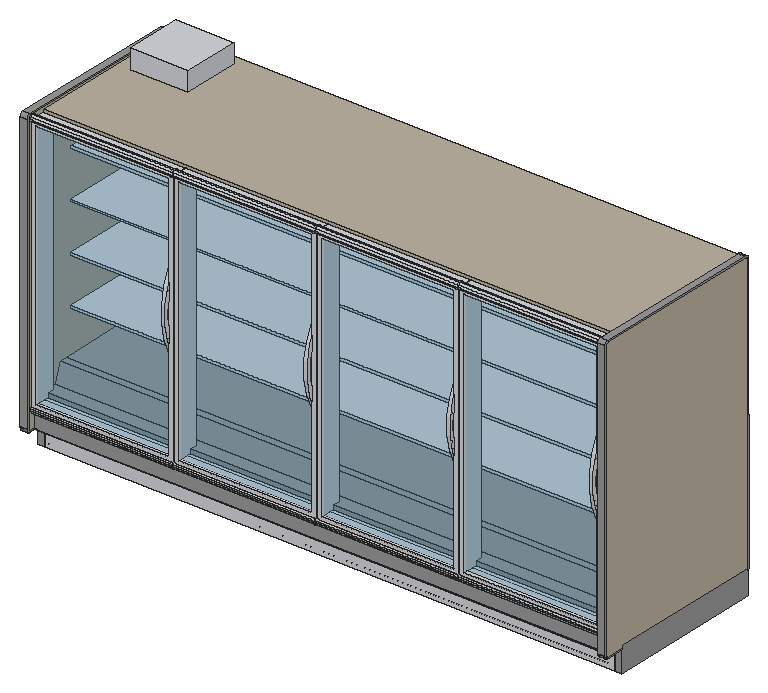
Revit family "VNRBS", category Mechanical Equipment, Revit 2019
Family settings
  Round Connector Dimension = Use Diameter
  Part Type = Normal
  OmniClass Number = 23.40.40.11.17
  OmniClass Title = Refrigerated Cases
  Work Plane-Based = Yes
  Always vertical = Yes
  Cut with Voids When Loaded = No
  Shared = Yes
  Room Calculation Point = No
Parameters (values of type "4-Door")
  vista c watts = 0 W
  pannel colour = none
  Width = 37 1/8"  # constant formula
  Vista-E Watts = 0 W
  Vista-E Amps = 0 A
  Vista-C/60 Watts = 293 W
  Vista-C/60 Amps = 2.4 A
  Vista-C Watts = 0 W
  Vista-C Amps = 0 A
  Vista Watts = 293 W
  Vista Amps = 2.4 A
  VISTA C - WATTS = 0 W
  URL = "http://www.hillphoenix.com/"
  Type of Door Swing = "A-Swing"
  Trim colour = none
  Timed-Off Defrost Termination Temp_2 = "42° F"  # constant formula
  Timed-Off Defrost Fail-Safe (Min) = "30 (Min)"  # constant formula
  TOP REFRIGERATION [instance] = yes
  TOP ELECTRICAL [instance] = yes
  TIMED-OFF DEFROST TERMINATION TEMP = 42 °F
  TIMED-OFF DEFROST FAIL SAFE (MIN) = 30
  TIMED OFF DEFROST TERMINATION TEMP = 42 °F
  TIMED OFF DEFROST FAIL-SAFE (Min) = "30"
  Supplier Model = ""
  Supplier = ""
  Superheat Set Point @ Bulb (°F) = "6-8° F"  # constant formula
  Size of Door = 30"  # constant formula
  STAINLESS STEEL = GALVANIZED STEEL
  RIGHT END [instance] = yes
  REFRIGERATION PIPING = none
  REFRIGERATION [instance] = yes
  REF PLANE LEFT RIGHT = Length / 2  # 60"
  Pro24 35K Hi Output Watts = 120 W
  Pro24 35K Hi Output Amps = 1 A
  Pnet Number = "NA"  # constant formula
  PVC PIPE = none
  PLAN VIEW DOOR SWING [instance] = yes
  PAINTED METAL UPPER SHELF = none
  PAINTED METAL EXTERIOR [instance] = Render Material 255-255-0
  Number of Fans per Case = 3
  Number of Fans = 0
  No. OF DOORS = 4
  NUMBER FOR GUIDLINES AND CONTROL ORGANIZATION = 0
  NUMBER FOR ELECTRICAL DATA = 0
  Model = "VNRB"  # constant formula
  Manufacturer Model = ""
  Manufacturer = "HILL PHOENIX"  # constant formula
  Load Mbh = 0  # constant formula
  Length of Cases = 150"
  Length = 120"
  Legend Number = Model  # "VNRB"
  LEFT END [instance] = yes
  LEDStixx Watts = 118 W
  LEDStixx Amps = 1 A
  Keynote = "VNRB"  # constant formula
  Item Description = "VNRB"  # constant formula
  Infinity 90 Watts = 236 W
  Infinity 90 Amps = 2 A
  High Efficiency Watts = 78 W
  High Efficiency Amps = 0.65 A
  Height = 67 7/8"
  HILL PHOENIX DRAWING NUMBER = "NA"  # constant formula
  GLASS CLAMP = none
  GLASS = Glass
  GE Gen6 Watts = 79 W
  GE Gen6 Amps = 0.7 A
  Evaporator (°F) = "28° F"
  EVAP TEMPERATURE = 0 °F  # constant formula
  EQUIPMENT MARK = "VNRBS"
  EQUIPMENT DESCRIPTION = Item Description  # "VNRB"
  ENGINEERING CONTACT = ""  # constant formula
  EMS PROBE J-BOX [instance] = yes
  ELECTRICAL [instance] = yes
  Discharge Air Velocity (FPM) = "360 (FPM)"  # constant formula
  Discharge Air (°F) = "33° F"
  Description = "VNRB"  # constant formula
  Defrosts Per Day_2 = 2  # constant formula
  Default Elevation = 48"
  DRAIN LINE [instance] = yes
  DISCHARGE AIR VELOCITY = ""  # constant formula
  DISCHARGE AIR TEMP = 0 °F  # constant formula
  DESIGNERS NAME = "SHIDDRAMESH"  # constant formula
  DEFROSTS PER DAY = 0  # constant formula
  DATE = "03-18-2015"  # constant formula
  CENTER LINE = Length / 2  # 60"
  BTUH Parallel = 777
  BTUH Conventional = 810
  BASE [instance] = BLACK
  Assembly Code = ""
  Application Discipline = "Meat"
  Actual Weight = 0
  24" Shelf = yes
Types (4): name | REF PLANE LEFT RIGHT | No. OF DOORS | Length | CENTER LINE
  5-Door | 75" | 5 | 150" | 75"
  4-Door | 60" | 4 | 120" | 60"
  3-Door | 45" | 3 | 90" | 45"
  2-Door | 30" | 2 | 60" | 30"
Reference planes (in)
  plane 1: z = 0.01963
  plane 2 "LEFT": x = 0
  plane 3 "CASE RIGHT": x = 120
  plane 4 "CASE BACK": y = -13.74044
  plane 5 "CENTER(LEFT/RIGHT)": x = 60
  plane 6 "FRONT": y = -50.86544
  plane 7: z = 0
  plane 8: z = 67.875
  plane 9: x = 121.5
Forms (in)
  Extrusion 1, solid, material <- "REFRIGERATION PIPING"
    sketch origin (-13.14147, -19.71261, 97.4576) x (1, 0, 0) y (0, 1, 0)
      loop
        circle (127.76253, -0.94574) r 0.375
      loop
        circle (129.53129, -0.94574) r 0.5
    from -94.24428 to -90.67077
  Extrusion 2, solid, material "Render Material 255-255-0" <- "PAINTED METAL EXTERIOR"
    sketch origin (0, 0, 0) x (0, 1, 0) y (0, 0, 1)
      loop
        line (-13.74044, 66.01319) -> (-47.10136, 66.01319) -> (-47.10136, 64.01319) -> (-15.90384, 64.01319) -> (-15.90384, 7.28805) -> (-13.74044, 7.28805) -> (-13.74044, 66.01319)
    from 0 to 120
  Extrusion 3, solid, material "GALVANIZED STEEL" <- "STAINLESS STEEL"
    sketch origin (0, 0, 0) x (0, 1, 0) y (0, 0, 1)
      loop
        line (-15.90384, 64.01319) -> (-47.10136, 64.01319) -> (-47.10136, 63.22669) -> (-45.68453, 63.22669) -> (-45.68453, 63.0429) -> (-45.26599, 63.0429)
        arc (-45.26599, 63.0429) -> (-45.2025, 63.06759) -> (-45.17236, 63.12867) r 0.094
        line (-45.17236, 63.12867) -> (-45.17236, 63.18324) -> (-42.57208, 62.63053)
        arc (-42.57208, 62.63053) -> (-42.52693, 62.6389) -> (-42.50092, 62.67675) r 0.06
        line (-42.50092, 62.67675) -> (-42.39064, 63.19556) -> (-41.57127, 63.00639) -> (-17.82566, 63.00639) -> (-17.82566, 13.27209) -> (-15.90384, 13.27209) -> (-15.90384, 64.01319)
    from 0 to 120
  Extrusion 4, solid, material "BLACK" <- "BASE"
    sketch origin (0, 0, 0) x (0, 1, 0) y (0, 0, 1)
      loop
        line (-15.90384, 13.27209) -> (-17.82566, 13.27209) -> (-17.82566, 17.00639) -> (-41.08585, 16.59082) -> (-42.69485, 16.59082) -> (-43.93723, 12.84082) -> (-47.03731, 12.84083) -> (-47.03732, 10.96636) -> (-49.52319, 10.96636) -> (-49.52319, 6.891)
        arc (-49.52319, 6.891) -> (-49.47226, 6.82754) -> (-49.39928, 6.86353) r 0.065
        line (-49.39928, 6.86353) -> (-49.26231, 7.15725) -> (-49.03397, 7.15725) -> (-48.84717, 7.28805) -> (-15.90384, 7.28805) -> (-15.90384, 13.27209)
    from 0 to 120
  Extrusion 5, solid, material "Render Material 255-255-0" <- "PAINTED METAL EXTERIOR"
    sketch origin (-1, 0, 0) x (0, 1, 0) y (0, 0, 1)
      loop
        arc (-50.35888, 66.27836) -> (-50.71243, 66.13191) -> (-50.85888, 65.77836) r 0.5
        line (-50.85888, 65.77836) -> (-50.85888, 7.28684)
        arc (-50.85888, 7.28684) -> (-50.71243, 6.93328) -> (-50.35888, 6.78684) r 0.5
        line (-50.35888, 6.78684) -> (-46.61544, 6.78684) -> (-46.61544, 7.28805) -> (-13.74044, 7.28805) -> (-13.74044, 65.77836)
        arc (-13.74044, 65.77836) -> (-13.88688, 66.13191) -> (-14.24044, 66.27836) r 0.5
        line (-14.24044, 66.27836) -> (-50.35888, 66.27836)
    from -0.5 to 1
  Extrusion 6, solid, material "BLACK" <- "BASE"
    sketch origin (0, 0, 0) x (0, 1, 0) y (0, 0, 1)
      loop
        line (-13.49044, 2.1515) -> (-13.49044, 7.28805) -> (-46.61544, 7.28805) -> (-46.61544, 2.1515) -> (-13.49044, 2.1515)
    from 0 to -1.5
  Extrusion 7, solid, material <- "PAINTED METAL UPPER SHELF", visible <- "24" Shelf"
    sketch origin (0, 0, -44.00001) x (0, 1, 0) y (0, 0, 1)
      loop
        line (-39.84405, 69.9973) -> (-39.84405, 69.4373) -> (-30.67567, 69.4373) -> (-30.61647, 69.30047) -> (-21.26806, 68.37618)
        arc (-21.26806, 68.37618) -> (-20.5648, 68.20115) -> (-19.94129, 67.83175) r 2.5
        line (-19.94129, 67.83175) -> (-19.23845, 67.26304)
        arc (-19.23845, 67.26304) -> (-18.93503, 67.09491) -> (-18.59242, 67.04056) r 1
        line (-18.59242, 67.04056) -> (-17.82422, 67.05363) -> (-17.82422, 69.9973) -> (-39.84405, 69.9973)
    from 0 to 120
  Extrusion 8, solid, material "BLACK" <- "BASE"
    sketch origin (0, 50.91376, -10.30728) x (0, 1, 0) y (0, 0, 1)
      loop
        line (-64.6542, 17.59533) -> (-91.18502, 17.59533) -> (-91.18502, 12.45878) -> (-89.5292, 12.45878) -> (-89.5292, 15.22403) -> (-66.0292, 15.22403) -> (-66.0292, 12.45878) -> (-64.6542, 12.45878) -> (-64.6542, 17.59533)
    from 0 to 120 <- "Length"
  Extrusion 9, solid, material "BLACK" <- "BASE"
    sketch origin (0, 51.47626, -10.30728) x (0, 1, 0) y (0, 0, 1)
      loop
        line (-97.34152, 12.77932) -> (-94.46533, 12.77932) -> (-93.42752, 12.84533) -> (-91.74752, 12.84533) -> (-91.74752, 17.59533) -> (-97.49752, 17.59533) -> (-97.49752, 12.93532)
        arc (-97.49752, 12.93532) -> (-97.45183, 12.82501) -> (-97.34152, 12.77932) r 0.156
    from 0 to 120 <- "Length"
  Extrusion 10, solid, material <- "PAINTED METAL UPPER SHELF", visible <- "24" Shelf"
    sketch origin (0, 0, -34.00001) x (0, 1, 0) y (0, 0, 1)
      loop
        line (-39.84405, 69.9973) -> (-39.84405, 69.4373) -> (-30.67567, 69.4373) -> (-30.61647, 69.30047) -> (-21.26806, 68.37618)
        arc (-21.26806, 68.37618) -> (-20.5648, 68.20115) -> (-19.94129, 67.83175) r 2.5
        line (-19.94129, 67.83175) -> (-19.23845, 67.26304)
        arc (-19.23845, 67.26304) -> (-18.93503, 67.09491) -> (-18.59242, 67.04056) r 1
        line (-18.59242, 67.04056) -> (-17.82422, 67.05363) -> (-17.82422, 69.9973) -> (-39.84405, 69.9973)
    from 0 to 120
  Extrusion 11, solid, material <- "PAINTED METAL UPPER SHELF", visible <- "24" Shelf"
    sketch origin (0, 0, -24.00001) x (0, 1, 0) y (0, 0, 1)
      loop
        line (-39.84405, 69.9973) -> (-39.84405, 69.4373) -> (-30.67567, 69.4373) -> (-30.61647, 69.30047) -> (-21.26806, 68.37618)
        arc (-21.26806, 68.37618) -> (-20.5648, 68.20115) -> (-19.94129, 67.83175) r 2.5
        line (-19.94129, 67.83175) -> (-19.23845, 67.26304)
        arc (-19.23845, 67.26304) -> (-18.93503, 67.09491) -> (-18.59242, 67.04056) r 1
        line (-18.59242, 67.04056) -> (-17.82422, 67.05363) -> (-17.82422, 69.9973) -> (-39.84405, 69.9973)
    from 0 to 120
  Extrusion 12, solid, material <- "PAINTED METAL UPPER SHELF", visible <- "24" Shelf"
    sketch origin (0, 0, -14.00001) x (0, 1, 0) y (0, 0, 1)
      loop
        line (-39.84405, 69.9973) -> (-39.84405, 69.4373) -> (-30.67567, 69.4373) -> (-30.61647, 69.30047) -> (-21.26806, 68.37618)
        arc (-21.26806, 68.37618) -> (-20.5648, 68.20115) -> (-19.94129, 67.83175) r 2.5
        line (-19.94129, 67.83175) -> (-19.23845, 67.26304)
        arc (-19.23845, 67.26304) -> (-18.93503, 67.09491) -> (-18.59242, 67.04056) r 1
        line (-18.59242, 67.04056) -> (-17.82422, 67.05363) -> (-17.82422, 69.9973) -> (-39.84405, 69.9973)
    from 0 to 120
  Extrusion 13, solid, material <- "REFRIGERATION PIPING"
    sketch origin (0, -0.08348, 1.78684) x (1, 0, 0) y (0, 1, 0)
      loop
        circle (60, -37.24044) r 1.5
    from 1.42649 to 5
  Extrusion 14, solid, material "BLACK" <- "BASE"
    sketch origin (0, 0, -34.00001) x (0, -1, 0) y (0, 0, 1)
      loop
        arc (50.35888, 100.27836) -> (50.71243, 100.13192) -> (50.85888, 99.77836) r 0.5
        line (50.85888, 99.77836) -> (50.85888, 41.28684)
        arc (50.85888, 41.28684) -> (50.71243, 40.93329) -> (50.35888, 40.78684) r 0.5
        line (50.35888, 40.78684) -> (46.61544, 40.78684) -> (46.61544, 40.53684) -> (50.35888, 40.53684)
        arc (50.35888, 40.53684) -> (50.88921, 40.75651) -> (51.10888, 41.28684) r 0.75
        line (51.10888, 41.28684) -> (51.10888, 99.77836)
        arc (51.10888, 99.77836) -> (50.88921, 100.30869) -> (50.35888, 100.52836) r 0.75
        line (50.35888, 100.52836) -> (14.24044, 100.52836)
        arc (14.24044, 100.52836) -> (13.71011, 100.30869) -> (13.49044, 99.77836) r 0.75
        line (13.49044, 99.77836) -> (13.49044, 41.28806) -> (13.74044, 41.28806) -> (13.74044, 99.77836)
        arc (13.74044, 99.77836) -> (13.88688, 100.13192) -> (14.24044, 100.27836) r 0.5
        line (14.24044, 100.27836) -> (50.35888, 100.27836)
    from 0 to 1.5
  Extrusion 15, solid, material "Render Material 255-255-0" <- "PAINTED METAL EXTERIOR"
    sketch origin (174, 0, 0) x (0, 1, 0) y (0, 0, 1)
      loop
        arc (-50.35888, 66.27836) -> (-50.71243, 66.13191) -> (-50.85888, 65.77836) r 0.5
        line (-50.85888, 65.77836) -> (-50.85888, 7.28684)
        arc (-50.85888, 7.28684) -> (-50.71243, 6.93328) -> (-50.35888, 6.78684) r 0.5
        line (-50.35888, 6.78684) -> (-46.61544, 6.78684) -> (-46.61544, 7.28805) -> (-13.74044, 7.28805) -> (-13.74044, 65.77836)
        arc (-13.74044, 65.77836) -> (-13.88688, 66.13191) -> (-14.24044, 66.27836) r 0.5
        line (-14.24044, 66.27836) -> (-50.35888, 66.27836)
    from -54 to -52.5
  Extrusion 16, solid, material "BLACK" <- "BASE"
    sketch origin (175, 0, 0) x (0, 1, 0) y (0, 0, 1)
      loop
        line (-13.49044, 2.1515) -> (-13.49044, 7.28805) -> (-46.61544, 7.28805) -> (-46.61544, 2.1515) -> (-13.49044, 2.1515)
    from -53.5 to -55
  Extrusion 17, solid, material "BLACK" <- "BASE"
    sketch origin (175, 0, -34.00001) x (0, -1, 0) y (0, 0, 1)
      loop
        arc (50.35888, 100.27836) -> (50.71243, 100.13192) -> (50.85888, 99.77836) r 0.5
        line (50.85888, 99.77836) -> (50.85888, 41.28684)
        arc (50.85888, 41.28684) -> (50.71243, 40.93329) -> (50.35888, 40.78684) r 0.5
        line (50.35888, 40.78684) -> (46.61544, 40.78684) -> (46.61544, 40.53684) -> (50.35888, 40.53684)
        arc (50.35888, 40.53684) -> (50.88921, 40.75651) -> (51.10888, 41.28684) r 0.75
        line (51.10888, 41.28684) -> (51.10888, 99.77836)
        arc (51.10888, 99.77836) -> (50.88921, 100.30869) -> (50.35888, 100.52836) r 0.75
        line (50.35888, 100.52836) -> (14.24044, 100.52836)
        arc (14.24044, 100.52836) -> (13.71011, 100.30869) -> (13.49044, 99.77836) r 0.75
        line (13.49044, 99.77836) -> (13.49044, 41.28806) -> (13.74044, 41.28806) -> (13.74044, 99.77836)
        arc (13.74044, 99.77836) -> (13.88688, 100.13192) -> (14.24044, 100.27836) r 0.5
        line (14.24044, 100.27836) -> (50.35888, 100.27836)
    from 53.5 to 55
  Extrusion 18, solid
    sketch origin (0, 0, 0) x (0, 1, 0) y (0, 0, 1)
      loop
        line (-46.61544, 7.28805) -> (-46.61544, 2.1515) -> (-46.02126, 2.1515) -> (-46.02126, 7.28805) -> (-46.61544, 7.28805)
    from 0 to 120 <- "Length"
  Extrusion 19, solid
    sketch origin (0, 0, 0) x (0, 1, 0) y (0, 0, 1)
      loop
        line (-15.74044, 66.01319) -> (-15.74044, 70.01319) -> (-27.74044, 70.01319) -> (-27.74044, 66.01319) -> (-15.74044, 66.01319)
    from 3 to 15
Lines and regions (in)
  model lines
    curve 1: line (160.51265, -20.82355, 0) -> (160.48065, -20.82355, 0)
Dimensions and locks (in)
  "Length": plane 2 "LEFT" to plane 3 "CASE RIGHT"
  "Width": plane 6 "FRONT" to plane 4 "CASE BACK"
  plane 6 "FRONT" to plane 4 "CASE BACK" = 37 1/8"
  "CENTER LINE": plane 5 "CENTER(LEFT/RIGHT)" to plane 3 "CASE RIGHT"
  level to Extrusion 1 = 6.78684"
  level to plane 1 = 0.01963"
  equal spacing: group 1, group 2, group 3, group 4  (x3)
  locked: plane 3 "CASE RIGHT" to plane 9 at 1.5
  Extrusion 6 to Extrusion 8 = 5.13656"
  Extrusion 3 to Extrusion 3 = 1.00679"
  Extrusion 6 to Extrusion 2 = 63.86169"
  plane 4 "CASE BACK" to Extrusion 2 = 33.36092"
  Extrusion 4 to Extrusion 3 = 46"
  Extrusion 8 to Extrusion 9 = 26.53082"
  Extrusion 8 sketch curve to Extrusion 8 sketch curve = 26.53082"
  nested 1 to Extrusion 4 = 54.52081"
  nested 1 to nested 1 = 52.47698"
  aligned and locked: plane 3 "CASE RIGHT" to Extrusion 2
  aligned and locked: plane 3 "CASE RIGHT" to Extrusion 4
  aligned and locked: plane 3 "CASE RIGHT" to Extrusion 3
  aligned and locked: Extrusion 6 to Extrusion 5
  aligned and locked: plane 3 "CASE RIGHT" to Extrusion 7
  aligned and locked: plane 3 "CASE RIGHT" to Extrusion 12
  aligned and locked: plane 3 "CASE RIGHT" to Extrusion 11
  aligned and locked: plane 3 "CASE RIGHT" to Extrusion 10
  aligned and locked: Extrusion 16 to Extrusion 15
  aligned and locked: Extrusion 17 to plane 3 "CASE RIGHT"
  aligned and locked: plane 9 to Extrusion 17
  aligned and locked: Extrusion 15 to plane 3 "CASE RIGHT"
  aligned and locked: Extrusion 17 to Extrusion 15
  aligned and locked: Extrusion 15 to Extrusion 16
Automatic sketch dimensions
  plane 4 "CASE BACK" to curve 1 = 7.08311"
  plane 3 "CASE RIGHT" to curve 1 = 40.48065"
  curve 1 to curve 1 = 0.032"
  Extrusion 1 sketch curve to plane 3 "CASE RIGHT" = 5.37894"
  Extrusion 1 sketch curve to Extrusion 1 sketch curve = 1.76876"
  plane 4 "CASE BACK" to Extrusion 1 sketch curve = 6.91792"
  Extrusion 1 sketch curve to Extrusion 1 sketch curve = 0"
  level to Extrusion 6 sketch curve = 2.1515"
  Extrusion 6 sketch curve to plane 6 "FRONT" = 4 1/4"
  Extrusion 6 sketch curve to plane 4 "CASE BACK" = 1/4"
  Extrusion 6 sketch curve to plane 1 = 7.26842"
  Extrusion 7 sketch curve to plane 6 "FRONT" = 11.02138"
  Extrusion 7 sketch curve to Extrusion 7 sketch curve = 9.16838"
  Extrusion 7 sketch curve to Extrusion 7 sketch curve = 0.05921"
  plane 4 "CASE BACK" to Extrusion 7 sketch curve = 7 99/128"
  Extrusion 7 sketch curve to Extrusion 7 sketch curve = 1.57257"
  Extrusion 7 sketch curve to Extrusion 7 sketch curve = 0.70284"
  Extrusion 7 sketch curve to Extrusion 7 sketch curve = 0.62903"
  Extrusion 7 sketch curve to Extrusion 7 sketch curve = 0.64603"
  Extrusion 7 sketch curve to Extrusion 7 sketch curve = 0.7682"
  Extrusion 7 sketch curve to plane 1 = 21.86866"
  Extrusion 7 sketch curve to Extrusion 7 sketch curve = 1.15227"
  Extrusion 7 sketch curve to Extrusion 7 sketch curve = 0.01306"
  Extrusion 7 sketch curve to Extrusion 7 sketch curve = 0.22247"
  Extrusion 7 sketch curve to Extrusion 7 sketch curve = 0.56871"
  Extrusion 7 sketch curve to Extrusion 7 sketch curve = 3.41218"
  Extrusion 7 sketch curve to Extrusion 7 sketch curve = 0.13683"
  Extrusion 7 sketch curve to Extrusion 7 sketch curve = 0.56"
  Extrusion 7 sketch curve to Extrusion 7 sketch curve = 1.32677"
  Extrusion 7 sketch curve to Extrusion 7 sketch curve = 0.00006"
  Extrusion 7 sketch curve to Extrusion 7 sketch curve = 0.00066"
  level to Extrusion 8 sketch curve = 2.1515"  (x2)
  Extrusion 8 sketch curve to plane 4 "CASE BACK" = 0"
  plane 4 "CASE BACK" to Extrusion 8 sketch curve = 1 3/8"
  Extrusion 8 sketch curve to Extrusion 8 sketch curve = 1.65582"
  Extrusion 8 sketch curve to plane 1 = 4.89712"
  Extrusion 8 sketch curve to Extrusion 8 sketch curve = 2.37131"
  Extrusion 10 sketch curve to plane 6 "FRONT" = 11.02138"
  Extrusion 10 sketch curve to Extrusion 10 sketch curve = 9.16838"
  Extrusion 10 sketch curve to Extrusion 10 sketch curve = 0.05921"
  plane 4 "CASE BACK" to Extrusion 10 sketch curve = 7 99/128"
  Extrusion 10 sketch curve to Extrusion 10 sketch curve = 1.57257"
  Extrusion 10 sketch curve to Extrusion 10 sketch curve = 0.70284"
  Extrusion 10 sketch curve to Extrusion 10 sketch curve = 0.62903"
  Extrusion 10 sketch curve to Extrusion 10 sketch curve = 0.64603"
  Extrusion 10 sketch curve to Extrusion 10 sketch curve = 0.7682"
  Extrusion 10 sketch curve to plane 1 = 31.86866"
  Extrusion 10 sketch curve to Extrusion 10 sketch curve = 1.15227"
  Extrusion 10 sketch curve to Extrusion 10 sketch curve = 0.01306"
  Extrusion 10 sketch curve to Extrusion 10 sketch curve = 0.22247"
  Extrusion 10 sketch curve to Extrusion 10 sketch curve = 0.56871"
  Extrusion 10 sketch curve to Extrusion 10 sketch curve = 3.41218"
  Extrusion 10 sketch curve to Extrusion 10 sketch curve = 0.13683"
  Extrusion 10 sketch curve to Extrusion 10 sketch curve = 0.56"
  Extrusion 10 sketch curve to Extrusion 10 sketch curve = 1.32677"
  Extrusion 10 sketch curve to Extrusion 10 sketch curve = 0.00006"
  Extrusion 10 sketch curve to Extrusion 10 sketch curve = 0.00066"
  Extrusion 11 sketch curve to plane 6 "FRONT" = 11.02138"
  Extrusion 11 sketch curve to Extrusion 11 sketch curve = 9.16838"
  Extrusion 11 sketch curve to Extrusion 11 sketch curve = 0.05921"
  plane 4 "CASE BACK" to Extrusion 11 sketch curve = 7 99/128"
  Extrusion 11 sketch curve to Extrusion 11 sketch curve = 1.57257"
  Extrusion 11 sketch curve to Extrusion 11 sketch curve = 0.70284"
  Extrusion 11 sketch curve to Extrusion 11 sketch curve = 0.62903"
  Extrusion 11 sketch curve to Extrusion 11 sketch curve = 0.64603"
  Extrusion 11 sketch curve to Extrusion 11 sketch curve = 0.7682"
  Extrusion 11 sketch curve to plane 8 = 25.98671"
  Extrusion 11 sketch curve to Extrusion 11 sketch curve = 1.15227"
  Extrusion 11 sketch curve to Extrusion 11 sketch curve = 0.01306"
  Extrusion 11 sketch curve to Extrusion 11 sketch curve = 0.22247"
  Extrusion 11 sketch curve to Extrusion 11 sketch curve = 0.56871"
  Extrusion 11 sketch curve to Extrusion 11 sketch curve = 3.41218"
  Extrusion 11 sketch curve to Extrusion 11 sketch curve = 0.13683"
  Extrusion 11 sketch curve to Extrusion 11 sketch curve = 0.56"
  Extrusion 11 sketch curve to Extrusion 11 sketch curve = 1.32677"
  Extrusion 11 sketch curve to Extrusion 11 sketch curve = 0.00006"
  Extrusion 11 sketch curve to Extrusion 11 sketch curve = 0.00066"
  Extrusion 12 sketch curve to plane 6 "FRONT" = 11.02138"
  Extrusion 12 sketch curve to Extrusion 12 sketch curve = 9.16838"
  Extrusion 12 sketch curve to Extrusion 12 sketch curve = 0.05921"
  plane 4 "CASE BACK" to Extrusion 12 sketch curve = 7 99/128"
  Extrusion 12 sketch curve to Extrusion 12 sketch curve = 1.57257"
  Extrusion 12 sketch curve to Extrusion 12 sketch curve = 0.70284"
  Extrusion 12 sketch curve to Extrusion 12 sketch curve = 0.62903"
  Extrusion 12 sketch curve to Extrusion 12 sketch curve = 0.64603"
  Extrusion 12 sketch curve to Extrusion 12 sketch curve = 0.7682"
  Extrusion 12 sketch curve to plane 8 = 15.98671"
  Extrusion 12 sketch curve to Extrusion 12 sketch curve = 1.15227"
  Extrusion 12 sketch curve to Extrusion 12 sketch curve = 0.01306"
  Extrusion 12 sketch curve to Extrusion 12 sketch curve = 0.22247"
  Extrusion 12 sketch curve to Extrusion 12 sketch curve = 0.56871"
  Extrusion 12 sketch curve to Extrusion 12 sketch curve = 3.41218"
  Extrusion 12 sketch curve to Extrusion 12 sketch curve = 0.13683"
  Extrusion 12 sketch curve to Extrusion 12 sketch curve = 0.56"
  Extrusion 12 sketch curve to Extrusion 12 sketch curve = 1.32677"
  Extrusion 12 sketch curve to Extrusion 12 sketch curve = 0.00006"
  Extrusion 12 sketch curve to Extrusion 12 sketch curve = 0.00066"
  Extrusion 13 sketch curve to plane 5 "CENTER(LEFT/RIGHT)" = 0"
  Extrusion 13 sketch curve to plane 6 "FRONT" = 13.54152"
  level to Extrusion 16 sketch curve = 2.1515"
  Extrusion 16 sketch curve to plane 6 "FRONT" = 4 1/4"
  Extrusion 16 sketch curve to plane 4 "CASE BACK" = 1/4"
  Extrusion 16 sketch curve to plane 1 = 7.26842"
  Extrusion 9 sketch curve to plane 6 "FRONT" = 4.84418"
  Extrusion 9 sketch curve to Extrusion 9 sketch curve = 0.156"
  Extrusion 9 sketch curve to plane 1 = 2.45242"
  Extrusion 9 sketch curve to Extrusion 9 sketch curve = 2.87619"
  Extrusion 9 sketch curve to plane 1 = 2.51842"
  Extrusion 9 sketch curve to Extrusion 9 sketch curve = 1.03781"
  Extrusion 9 sketch curve to Extrusion 9 sketch curve = 5 3/4"
  Extrusion 9 sketch curve to Extrusion 9 sketch curve = 4 3/4"
  Extrusion 2 sketch curve to plane 4 "CASE BACK" = 0"
  plane 4 "CASE BACK" to Extrusion 2 sketch curve = 2.16341"
  Extrusion 2 sketch curve to plane 8 = 1.86181"
  Extrusion 2 sketch curve to plane 6 "FRONT" = 3.76408"
  Extrusion 2 sketch curve to plane 8 = 3.86181"
  Extrusion 2 sketch curve to plane 1 = 7.26842"
  Extrusion 3 sketch curve to plane 6 "FRONT" = 3.76408"
  Extrusion 3 sketch curve to Extrusion 3 sketch curve = 1.41683"
  Extrusion 3 sketch curve to Extrusion 3 sketch curve = 0.41853"
  Extrusion 3 sketch curve to Extrusion 3 sketch curve = 0"  (x2)
  Extrusion 3 sketch curve to Extrusion 3 sketch curve = 0.09364"
  Extrusion 3 sketch curve to Extrusion 3 sketch curve = 2.60028"
  Extrusion 3 sketch curve to Extrusion 3 sketch curve = 0.01247"
  Extrusion 3 sketch curve to plane 8 = 5.19825"
  Extrusion 3 sketch curve to Extrusion 3 sketch curve = 0.05869"
  Extrusion 3 sketch curve to Extrusion 3 sketch curve = 0.11028"
  plane 4 "CASE BACK" to Extrusion 3 sketch curve = 4.08523"
  Extrusion 3 sketch curve to Extrusion 3 sketch curve = 1.92182"
  Extrusion 3 sketch curve to Extrusion 3 sketch curve = 0.04621"
  Extrusion 3 sketch curve to plane 1 = 13.25246"
  Extrusion 3 sketch curve to plane 8 = 4.86861"
  Extrusion 3 sketch curve to Extrusion 3 sketch curve = 0.41236"
  Extrusion 3 sketch curve to Extrusion 3 sketch curve = 0.08577"
  Extrusion 3 sketch curve to Extrusion 3 sketch curve = 0.05456"
  Extrusion 3 sketch curve to Extrusion 3 sketch curve = 0.51881"
  Extrusion 3 sketch curve to Extrusion 3 sketch curve = 0.1838"
  Extrusion 3 sketch curve to Extrusion 3 sketch curve = 1.00679"
  Extrusion 3 sketch curve to Extrusion 3 sketch curve = 0.81937"
  Extrusion 18 sketch curve to plane 6 "FRONT" = 4 1/4"
  Extrusion 18 sketch curve to Extrusion 18 sketch curve = 0.59418"
  Extrusion 18 sketch curve to plane 1 = 2.13187"
  Extrusion 18 sketch curve to Extrusion 18 sketch curve = 5.13656"
  Extrusion 5 sketch curve to plane 4 "CASE BACK" = 0"
  Extrusion 5 sketch curve to Extrusion 5 sketch curve = 1/2"  (x2)
  Extrusion 5 sketch curve to plane 6 "FRONT" = 4 1/4"
  Extrusion 5 sketch curve to plane 6 "FRONT" = 0.50656"
  Extrusion 5 sketch curve to plane 6 "FRONT" = 0.00656"
  Extrusion 5 sketch curve to plane 1 = 6.7672"
  Extrusion 5 sketch curve to plane 1 = 7.26842"
  Extrusion 5 sketch curve to plane 8 = 2.09664"
  Extrusion 15 sketch curve to plane 4 "CASE BACK" = 0"
  Extrusion 15 sketch curve to Extrusion 15 sketch curve = 1/2"
  Extrusion 15 sketch curve to plane 6 "FRONT" = 4 1/4"
  Extrusion 15 sketch curve to plane 6 "FRONT" = 0.50656"  (x2)
  Extrusion 15 sketch curve to plane 6 "FRONT" = 0.00656"
  Extrusion 15 sketch curve to plane 1 = 6.7672"
  Extrusion 15 sketch curve to plane 1 = 7.26842"
  Extrusion 15 sketch curve to plane 8 = 2.09664"
  Extrusion 14 sketch curve to Extrusion 14 sketch curve = 0"  (x6)
  Extrusion 10 to Extrusion 14 sketch curve = 4.33379"
  Extrusion 14 sketch curve to Extrusion 14 sketch curve = 1/4"
  Extrusion 14 sketch curve to Extrusion 14 sketch curve = 1/2"  (x2)
  Extrusion 10 to Extrusion 14 sketch curve = 6.77138"
  Extrusion 10 to Extrusion 14 sketch curve = 10.51483"
  Extrusion 14 sketch curve to Extrusion 14 sketch curve = 3.74344"
  Extrusion 10 to Extrusion 14 sketch curve = 28.90046"
  Extrusion 10 to Extrusion 14 sketch curve = 28.14924"
  Extrusion 10 to Extrusion 14 sketch curve = 29.78106"
  Extrusion 17 sketch curve to Extrusion 17 sketch curve = 0"  (x6)
  Extrusion 17 sketch curve to plane 4 "CASE BACK" = 0"
  Extrusion 17 sketch curve to plane 4 "CASE BACK" = 1/4"
  Extrusion 17 sketch curve to Extrusion 17 sketch curve = 1/2"
  Extrusion 17 sketch curve to plane 6 "FRONT" = 4 1/4"
  Extrusion 17 sketch curve to plane 6 "FRONT" = 0.50656"  (x2)
  Extrusion 17 sketch curve to plane 6 "FRONT" = 0.00656"
  Extrusion 17 sketch curve to plane 1 = 6.5172"
  Extrusion 17 sketch curve to plane 1 = 7.26842"
  Extrusion 17 sketch curve to plane 8 = 2.09664"
  Extrusion 4 sketch curve to plane 6 "FRONT" = 1.34225"
  Extrusion 4 sketch curve to Extrusion 4 sketch curve = 0.065"
  Extrusion 4 sketch curve to Extrusion 4 sketch curve = 0.05891"
  Extrusion 4 sketch curve to Extrusion 4 sketch curve = 0.13696"
  Extrusion 4 sketch curve to Extrusion 4 sketch curve = 0.22834"
  Extrusion 4 sketch curve to Extrusion 4 sketch curve = 0.18681"
  Extrusion 4 sketch curve to Extrusion 4 sketch curve = 2.48587"
  Extrusion 4 sketch curve to Extrusion 4 sketch curve = 0"  (x2)
  Extrusion 4 sketch curve to Extrusion 4 sketch curve = 3.10008"
  Extrusion 4 sketch curve to Extrusion 4 sketch curve = 1.24238"
  Extrusion 4 sketch curve to Extrusion 4 sketch curve = 1.609"
  plane 4 "CASE BACK" to Extrusion 4 sketch curve = 4.08523"
  Extrusion 4 sketch curve to Extrusion 4 sketch curve = 1.92182"
  Extrusion 4 sketch curve to plane 1 = 6.8439"
  Extrusion 4 sketch curve to Extrusion 4 sketch curve = 0.29372"
  Extrusion 4 sketch curve to plane 1 = 7.26842"
  Extrusion 4 sketch curve to Extrusion 4 sketch curve = 3.6783"
  Extrusion 4 sketch curve to Extrusion 4 sketch curve = 1.87446"
  Extrusion 4 sketch curve to Extrusion 4 sketch curve = 5.98404"
  Extrusion 4 sketch curve to Extrusion 4 sketch curve = 3 3/4"
  Extrusion 4 sketch curve to Extrusion 4 sketch curve = 3.7343"
  plane 8 to Extrusion 19 sketch curve = 2.13819"
  plane 4 "CASE BACK" to Extrusion 19 sketch curve = 14"
  plane 4 "CASE BACK" to Extrusion 19 sketch curve = 2"
  Extrusion 19 sketch curve to plane 8 = 1.86181"
  radius of Extrusion 1 sketch curve = 3/8"
  radius of Extrusion 1 sketch curve = 1/2"
  radius of Extrusion 13 sketch curve = 1 1/2"
Nested families (in)
  nested 1: "ORB-DOOR-30" at (0, -1.99377, -3.82512), type "ORB_DOOR-30""
    with DOORS Glass, DOOR SILL AND HEADER none, DOOR HANDLES none, DOOR HANDLE RIGHT yes, DOOR HANDLE LEFT yes
  nested 2: "ORB-DOOR-30" at (30, -1.99377, -3.82512), type "ORB_DOOR-30""
    with DOORS Glass, DOOR SILL AND HEADER none, DOOR HANDLES none, DOOR HANDLE RIGHT yes, DOOR HANDLE LEFT yes
  nested 3: "ORB-DOOR-30" at (60, -1.99377, -3.82512), type "ORB_DOOR-30""
    with DOORS Glass, DOOR SILL AND HEADER none, DOOR HANDLES none, DOOR HANDLE RIGHT yes, DOOR HANDLE LEFT yes
  nested 4: "ORB-DOOR-30" at (90, -1.99377, -3.82512), type "ORB_DOOR-30""
    with DOORS Glass, DOOR SILL AND HEADER none, DOOR HANDLES none, DOOR HANDLE RIGHT yes, DOOR HANDLE LEFT yes
Connectors (in)
  piping at (114.62106, -20.65836, 3.21332), diameter 0.375
    settings: on Extrusion 1, index 10, connector inside diameter 3/8", connector length 0", flow factor 0, pipe flow 0 GPM, pressure drop 0.00 psi, fitting loss kfactor 0, connector angle 0.000°, fixture units 0, engagement length 0", angle of deflection 0.000°, flow configuration 0, flow direction 1, fitting loss method 0, system type 8, joint type 0, gender type 0, connector reference index -1, connector utility 0, adjustable connector no, is connector primary yes, connector description "LIQUID LINE CONNECTION"
  piping at (116.38982, -20.65836, 3.21332), diameter 0.5
    settings: on Extrusion 1, index 11, connector inside diameter 1/2", connector length 0", flow factor 0, pipe flow 0 GPM, pressure drop 0.00 psi, fitting loss kfactor 0, connector angle 0.000°, fixture units 0, engagement length 0", angle of deflection 0.000°, flow configuration 0, flow direction 2, fitting loss method 0, system type 7, joint type 0, gender type 0, connector reference index -1, connector utility 0, adjustable connector no, is connector primary no, connector description "SUCTION LINE CONNECTION"
  piping at (60, -37.32391, 3.21332), diameter 1.5
    settings: on Extrusion 13, index 12, connector inside diameter 24", connector length 0", flow factor 0, pipe flow 0 GPM, pressure drop 0.00 psi, fitting loss kfactor 0, connector angle 0.000°, fixture units 0, engagement length 0", angle of deflection 0.000°, flow configuration 0, flow direction 0, fitting loss method 0, system type 7, joint type 0, gender type 0, connector reference index -1, connector utility 0, adjustable connector no, is connector primary no, connector description "DRAIN LINE CONNECTION"
Definition of nested family "ORB-DOOR-30"
  Parameters (values of type "ORB_DOOR-30"")
    URL = ""
    PNET NUMBER = "NA"  # constant formula
    Model = "ORB-Door 24\""
    Manufacturer = "HILL PHOENIX"  # constant formula
    LEGEND NUMBER = Model  # "ORB-Door 24\""
    Keynote = "Beverage-Dairy/Deli-Meat"  # constant formula
    HILL PHOENIX DRAWING NUMBER = "NA"  # constant formula
    ENGINEERING CONTACT = ""  # constant formula
    Description = "Reach-In Glass Door Merchandiser"  # constant formula
    DOORS [instance] = none
    DOOR SILL AND HEADER [instance] = none
    DOOR LENGTH = 30"
    DOOR HANDLES [instance] = none
    DOOR HANDLE RIGHT [instance] = yes
    DOOR HANDLE LEFT [instance] = yes
    DESIGNERS NAME = "SHIDDRAMESH"  # constant formula
    DATE = "10/31/2014"  # constant formula
    Case total Width = 42.06241"
    Case Total Height = 81"
    Assembly Code = ""
  Reference planes (in)
    plane 1: z = 0.01963
    plane 2 "LEFT": x = 0
    plane 3: z = 81
    plane 4: x = 30
    plane 5: y = -6.4785
    plane 6: y = -48.10878
    plane 7: y = -43.69076
    plane 8: z = 77.40752
    plane 9: z = 16.67848
    plane 10: z = 15.82484
    plane 11: z = 78.19984
    plane 12: z = 15.0705
    plane 13: y = -48.54091
    plane 14: y = -47.89336
  Forms (in)
    Extrusion 1, solid
      sketch origin (22.08523, -42.38639, 81) x (0, 1, 0) y (0, 0, -1)
        loop
          arc (-5.54638, 10.73995) -> (-5.50699, 10.77754) -> (-5.54458, 10.81693) r 0.0385
          line (-5.54458, 10.81693) -> (-5.61239, 10.81881) -> (-5.65038, 10.84585) -> (-5.90453, 11.26599) -> (-6.05438, 11.6877) -> (-2.7212, 11.6877) -> (-2.7212, 13.94818) -> (-1.30438, 13.94818) -> (-1.30438, 64.32152) -> (-2.7212, 64.32152) -> (-2.7212, 66.207) -> (-6.05438, 66.207) -> (-5.90453, 66.62871) -> (-5.65038, 67.04885) -> (-5.6118, 67.07609) -> (-5.56518, 67.077)
          arc (-5.56518, 67.077) -> (-5.52744, 67.11625) -> (-5.56668, 67.15399) r 0.0385
          line (-5.56668, 67.15399) -> (-5.63915, 67.15127) -> (-5.71315, 67.09846) -> (-5.97902, 66.65826) -> (-6.14458, 66.1735)
          arc (-6.14458, 66.1735) -> (-6.11396, 65.99798) -> (-5.94948, 65.9295) r 0.18521
          line (-5.94948, 65.9295) -> (-5.72239, 65.9295) -> (-5.72239, 11.9652) -> (-5.94948, 11.9652)
          arc (-5.94948, 11.9652) -> (-6.10568, 11.8901) -> (-6.14458, 11.7212) r 0.2
          line (-6.14458, 11.7212) -> (-5.97902, 11.23644) -> (-5.71438, 10.79785) -> (-5.63915, 10.74343) -> (-5.54638, 10.73995)
      from -7.91477 to 22.08523
    Extrusion 2, void
      sketch origin (22.08523, -48.10878, 15.0705) x (0, 0, -1) y (-1, 0, 0)
        loop
          line (-53.23132, 21.04241) -> (-53.23132, -6.87195) -> (-0.75434, -6.87195) -> (-0.75434, 21.04241) -> (-53.23132, 21.04241)
      from 0 to 4.41802
    Extrusion 3, solid
      sketch origin (22.094, -42.85492, 81.16448) x (0, 1, 0) y (0, 0, -1)
        loop
          line (-3.25386, 12.86266) -> (-3.25386, 65.33963) -> (-4.75386, 65.33963) -> (-4.75386, 12.86266) -> (-3.25386, 12.86266)
      from -7.406 to 21.594
    Extrusion 4, solid
      sketch origin (6.47161, -25.74403, 49.19042) x (0, 1, 0) y (0, 0, -1)
        loop
          line (-21.39622, -1.71821) -> (-21.39622, 1.2011)
          arc (-21.39622, 1.2011) -> (-22.95317, 6.27646) -> (-21.39622, 11.35181) r 9.05084
          line (-21.39622, 11.35181) -> (-21.39622, 14.39423)
          arc (-21.39622, 14.39423) -> (-23.49062, 6.33801) -> (-21.39622, -1.71821) r 16.54155
      from -22.48557 to -21.74766
  Cuts and joins
    Extrusion 2 cuts Extrusion 1
  Dimensions and locks (in)
    "DOOR LENGTH": plane 2 "LEFT" to plane 4
    locked: plane 2 "LEFT" to Extrusion 3 at 0.5
    locked: Extrusion 3 to plane 4 at 0.5
    Extrusion 3 to Extrusion 3 = 52.47698"
    "Case total Width": plane 5 to plane 13
    locked: plane 5 to plane 14 at 41.41486
    "Case Total Height": plane 3 to level
    cut or joined group of Extrusion 1, Extrusion 2 to cut or joined group of Extrusion 1, Extrusion 2 = 54.5193"
    aligned and locked: plane 4 to Extrusion 1
    aligned and locked: Extrusion 1 to plane 2 "LEFT"
    aligned: plane 4 to Extrusion 3
    aligned and locked: plane 10 to Extrusion 3
    aligned and locked: plane 12 to cut or joined group of Extrusion 1, Extrusion 2
  Automatic sketch dimensions
    Extrusion 2 sketch curve to Extrusion 1 = 1.04282"  (x2)
    Extrusion 2 sketch curve to Extrusion 1 = 0.75434"
    plane 10 to Extrusion 3 sketch curve = 0"
    plane 14 to Extrusion 3 sketch curve = 0.28458"
    Extrusion 3 sketch curve to Extrusion 3 sketch curve = 1 1/2"
    plane 14 to Extrusion 4 sketch curve = 0.75311"  (x2)
    Extrusion 4 sketch curve to plane 7 = 4.0444"
    Extrusion 4 sketch curve to Extrusion 4 sketch curve = 6.95326"
    Extrusion 4 sketch curve to Extrusion 4 sketch curve = 2.91931"
    Extrusion 4 sketch curve to Extrusion 4 sketch curve = 5.07535"
    Extrusion 4 sketch curve to Extrusion 4 sketch curve = 0.06155"
    Extrusion 1 to Extrusion 2 sketch curve = 0.73298"
    plane 8 to Extrusion 3 sketch curve = 9.1057"
    plane 8 to Extrusion 4 sketch curve = 26.49889"
    plane 12 to Extrusion 1 sketch curve = 0"
    Extrusion 1 sketch curve to plane 6 = 0"
    Extrusion 1 sketch curve to plane 9 = 0"
    Extrusion 1 sketch curve to plane 7 = 0"
    Extrusion 1 sketch curve to plane 6 = 0.18213"  (x2)
    Extrusion 1 sketch curve to plane 13 = 0.20504"  (x2)
    Extrusion 1 sketch curve to Extrusion 1 sketch curve = 0.01983"
    Extrusion 1 sketch curve to Extrusion 1 sketch curve = 0.0745"  (x2)
    Extrusion 1 sketch curve to plane 13 = 0.10014"  (x2)
    Extrusion 1 sketch curve to plane 13 = 0.00994"  (x2)
    plane 6 to Extrusion 1 sketch curve = 0.00802"
    plane 6 to Extrusion 1 sketch curve = 0.00924"
    plane 6 to Extrusion 1 sketch curve = 0.07202"  (x2)
    plane 6 to Extrusion 1 sketch curve = 0.08324"  (x2)
    Extrusion 1 sketch curve to Extrusion 1 sketch curve = 0.03798"
    Extrusion 1 sketch curve to Extrusion 1 sketch curve = 0.03858"
    Extrusion 1 sketch curve to plane 14 = 0.05971"
    Extrusion 1 sketch curve to Extrusion 1 sketch curve = 0.00075"  (x2)
    Extrusion 1 sketch curve to plane 14 = 0.0394"
    Extrusion 1 sketch curve to Extrusion 1 sketch curve = 0.0009"
    Extrusion 1 sketch curve to plane 14 = 0.0376"
    Extrusion 1 sketch curve to Extrusion 1 sketch curve = 1.41683"  (x2)
    plane 8 to Extrusion 1 sketch curve = 10.3557"
    Extrusion 1 sketch curve to Extrusion 1 sketch curve = 1.98298"
    Extrusion 1 sketch curve to Extrusion 1 sketch curve = 0.2"
    Extrusion 1 sketch curve to Extrusion 1 sketch curve = 0.0335"
    Extrusion 1 sketch curve to Extrusion 1 sketch curve = 0.42171"  (x2)
    Extrusion 1 sketch curve to Extrusion 1 sketch curve = 0.02955"  (x2)
    Extrusion 1 sketch curve to Extrusion 1 sketch curve = 0.42014"  (x2)
    Extrusion 1 sketch curve to Extrusion 1 sketch curve = 0.02704"
    Extrusion 1 sketch curve to Extrusion 1 sketch curve = 0.00188"
    Extrusion 1 sketch curve to Extrusion 1 sketch curve = 0.048"
    Extrusion 1 sketch curve to Extrusion 1 sketch curve = 0.03849"  (x2)
    Extrusion 1 sketch curve to Extrusion 1 sketch curve = 0.07537"
    plane 12 to Extrusion 1 sketch curve = 0.18414"
    plane 12 to Extrusion 1 sketch curve = 0.2775"
    Extrusion 1 sketch curve to Extrusion 1 sketch curve = 0.02724"
    Extrusion 1 sketch curve to Extrusion 1 sketch curve = 0.00091"
    Extrusion 1 sketch curve to Extrusion 1 sketch curve = 0.04961"
    Extrusion 1 sketch curve to Extrusion 1 sketch curve = 0.00272"
